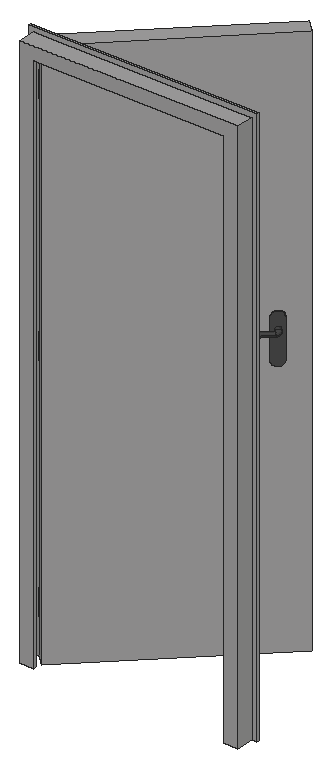
Revit family "Turia 1 hoja EI₂120", category Puertas, Revit 2016
Family settings
  Anfitrión = Muro
  Siempre vertical = Sí
  Corte con vacíos al cargar = No
  Compartido = No
  Punto de cálculo de habitación = No
Parameters (values of type "TU 800 x 2050")
  URL = "http://www.andreu.es/es/productos/cortafuegos/turia"
  Relleno de la hoja = "Las chapas están troqueladas y plegadas de forma que tras su montaje, dejan en su interior una cámara interna\r\ndonde se aloja una combinación de materiales aislantes\r\nignífugos y térmicos, que confieren a la puerta aislamiento\r\ntérmico y acústico. Los aislantes utilizados son, entre\r\notros materiales, lana de roca y placas de cartón-yeso.\r\nSu grosor es de 63 mm, con un solape de 16 mm de\r\nancho y 2 mm de espesor."  # constant formula
  Peso aprox = 36.50 kg/m²  # constant formula
  Normativa = "UNE-EN 1634-1:2001"  # constant formula
  Modelo = "TU 800x2050"
  Memoria descriptiva = "http://www.andreu.es/es/documentos/memorias-descriptivas"
  Marco = "El marco utilizado para la puerta Corta-fuegos modelo Turia es el denominado modelo C-S5. Este\r\nmodelo se caracteriza por su perfilado esquinero (según croquis).\r\nPuede configurarse con acero galvanizado más\r\nprotección antifinger de 1.5 mm de espesor, o el\r\nmismo material que la hoja."  # constant formula
  Manija [instance] = yes
  MEDIDA TOTAL (ANCHO) = [MEDIDA NOMINAL (Ancho)] + 36 mm  # 836 mm
  MEDIDA NOMINAL (Ancho) = 800 mm
  MEDIDA DE MARCO (Ancho) = [MEDIDA NOMINAL (Ancho)] - 20 mm  # 780 mm
  MEDIDA DE LUZ (Ancho) = [MEDIDA NOMINAL (Ancho)] - 100 mm  # 700 mm
  MATERIAL DEL MARCO = Acero Galvanizado
  MATERIAL DE LA HOJA = Acero Galvanizado
  Instrucciones de montaje = "http://www.andreu.es/data/instrucc/itc-151-ed3.pdf"
  Hoja = "La puerta Corta-fuegos está construida con 2 planchas ensambladas entre sí, sin necesidad de\r\nsoldaduras. La plancha utilizada es de acero galvanizado de 0.8 mm de espesor, con una\r\nimprimación anti finger (anti huellas). Esta imprimación, consiste en un revestimiento orgánico fino,\r\nque además de proporcionarle una mayor protección anticorrosivo le permite pintar directamente sin\r\ntratamientos previos."  # constant formula
  HOJA (ANCHO) = [MEDIDA DE MARCO (Ancho)]  # 780 mm
  HOJA (ANCHO 2D) = [MEDIDA DE MARCO (Ancho)] + 10 mm  # 790 mm
  Función = Interior
  Fabricante = "Andreu Barberá, S.L."
  Ensayos de Durabilidad de Autocierre = "UNE-EN-1191:2000"  # constant formula
  Descripción = "Puerta metálica Corta-Fuegos pivotante y abatible galvanizada EI2 (30,60,90) C5 de medidas 900x2050 (Medidas Nominales) mod. TURIA de Andreu  o equivalente con certificado de homologación, construida con dos chapas de acero de 0,8mm ensambladas entre sí sin soldadura, relleno de material ignifugo, con doble capa de lana de roca y placa de cartón-yeso, hoja de grosor 63mm y 3 bisagras con marcado CE de doble pala y regulación en altura, con marco tipo CS5 de 1.5mm de espesor con junta intumescente, ajustado y preparado para su fijación a obra mediante garras de acero o para atornillar a premarco, cerradura embutida con cierre a un punto con marcado CE, escudos y manivelas RF mod. Andreu nylon negro con soporte metálico."  # constant formula
  Type Comments = ""
  Clasificación para incendios = "EI₂120"  # constant formula
  Clasificación = "C5"  # constant formula
  Ciclos de apertura = 200000  # constant formula
  Cerradura = "La puerta incluye una cerradura con caja de acero, con cierre a un punto. Esta cerradura presenta\r\nmarcado CE siguiendo la norma UNE-EN 12209:2007. Se completa el conjunto con el cilindro de\r\nlatón de 35 x 35, con sus correspondientes llaves. En la gama estándard, está compuesto por dos\r\nmanivelas de un material altamente resistente. Los soportes de los escudos son metálicos, presentan\r\nembellecedores del mismo material que las manivelas con bocallave a ambos lados."  # constant formula
  Catálogo Técnico = "http://www.andreu.es/lang/es/doc/catalogo-tecnico-ctes.pdf?1018955761"
  Bisagras en hojas = "Las hojas llevan 3 bisagras de acero galvanizado de 3\r\nmm de espesor. Su diseño y fabricación se ajusta a la\r\nnorma UNE-EN 1935 “Bisagras de un solo eje para\r\npuertas Corta-fuegos”.\r\nLas bisagras van unidas mediante tornillos a la hoja."  # constant formula
  Bisagras [instance] = yes
  Acabados = "9010 BLANCO, 7035 GRIS, ACERO INOX, RAL A ELEGIR"  # constant formula
  APERTURA 3D (Grados) [instance] = 45.00°
  ALTURA TOTAL = 2068 mm
Types (5, lengths in mm): name | Modelo | MEDIDA TOTAL (ANCHO) | MEDIDA NOMINAL (Ancho) | MEDIDA DE MARCO (Ancho) | MEDIDA DE LUZ (Ancho) | HOJA (ANCHO) | HOJA (ANCHO 2D) | APERTURA 3D (Grados)
  TU 800 x 2050 | "TU 800x2050" | 836 | 800 | 780 | 700 | 780 | 790 | 45.00°
  TU 900 x 2050 | "TU 900x2050" | 936 | 900 | 880 | 800 | 880 | 890 | 45.00°
  TU 1000 x 2050 | "TU 1000x2050" | 1036 | 1000 | 980 | 900 | 980 | 990 | 0.00°
  TU 1100 x 2050 | "TU 1100x2050" | 1136 | 1100 | 1080 | 1000 | 1080 | 1090 | 45.00°
  TU 1200 x 2050 | "TU 1200x2050" | 1236 | 1200 | 1180 | 1100 | 1180 | 1190 | 45.00°
Reference planes
  plane 1 "Muro": y = 0
  plane 2 "Centro (Izquierda/Derecha)": x = 125
  plane 3 "Posterior": y = 100
  plane 4: x = -275
  plane 5: x = 525
  plane 6: z = 2068
  plane 7: x = -265
  plane 8: x = 515
  plane 9: x = -225
  plane 10: x = 475
  plane 11: x = -293
  plane 12: x = 543
  plane 13: y = 110
  plane 14: y = 47
  plane 15: y = 37
  plane 16: x = 520
  plane 17: y = 107
  plane 18: x = -270
  plane 19: y = 1300
  plane 20: y = 890
  plane 21 "M": z = 1047.976
  plane 22: x = 415
Forms (mm)
  Sweep 1, solid, material "Acero Galvanizado" <- "MATERIAL DEL MARCO", detail levels medium+fine
    path origin (0, 100, 0) x (1, 0, 0) y (0, 0, 1)
      loop
        line (525, 0) -> (525, 2050) -> (-275, 2050) -> (-275, 0)
    profile origin (525, 100, 1025) x (-1, 0, 0) y (0, -1, 0)
      loop
        line (-18, 0) -> (-18, -10) -> (10, -10) -> (10, 53) -> (50, 53) -> (50, 63) -> (0, 63) -> (0, 0) -> (-18, 0)
  Extrusion 2, solid, material "Acero Galvanizado" <- "MATERIAL DE LA HOJA"
    sketch origin (-265, 110, 0) x (0.707107, 0.707107, 0) y (0, 0, 1)
      loop
        line (0, 0) -> (780, 0) -> (780, 2040) -> (0, 2040) -> (0, 0)
    from 0 to 63
  Extrusion 3, solid, material "Acero Galvanizado" <- "MATERIAL DEL MARCO", visible <- "Bisagras"
    sketch origin (70.706, 28.204, 128) x (1, 0, 0) y (0, 1, 0)
      loop
        line (-349.598, 81.796) -> (-335.706, 81.796) -> (-335.706, 86.796) -> (-342.181, 86.796)
        arc (-342.181, 86.796) -> (-354.07, 96.429) -> (-349.598, 81.796) r 8
    from 0 to 100
  Extrusion 4, solid, material "Acero Galvanizado" <- "MATERIAL DEL MARCO", visible <- "Bisagras"
    sketch origin (70.706, 28.204, 1832) x (0, -1, 0) y (1, 0, 0)
      loop
        line (-81.796, -349.598) -> (-81.796, -335.706) -> (-86.796, -335.706) -> (-86.796, -342.181)
        arc (-86.796, -342.181) -> (-96.429, -354.07) -> (-81.796, -349.598) r 8
    from 0 to 100
  Extrusion 5, solid, material "Acero Galvanizado" <- "MATERIAL DEL MARCO", visible <- "Bisagras"
    sketch origin (70.706, 28.204, 970) x (1, 0, 0) y (0, 1, 0)
      loop
        line (-349.598, 81.796) -> (-335.706, 81.796) -> (-335.706, 86.796) -> (-342.181, 86.796)
        arc (-342.181, 86.796) -> (-354.07, 96.429) -> (-349.598, 81.796) r 8
    from 0 to 100
Lines and regions (mm)
  Opening 1
    outline origin (-5000, -100, 0) x (1, 0, 0) y (0, 0, 1)
      loop
        line (5525, 2050) -> (4725, 2050) -> (4725, 0) -> (5525, 0) -> (5525, 2050)
  model lines
    curve 1: line (525, 100, 0) -> (525, 100, 2068)
    curve 2: line (525, 100, 2068) -> (-275, 100, 2068)
    curve 3: line (-275, 100, 2068) -> (-275, 100, 0)
  reference lines
    curve 4: line (-265, 110, 0) -> (63.805, 438.805, 0)
  symbolic lines, detail levels coarse
    curve 5: line (-275, 100, 0) -> (-275, 900, 0)
    curve 6: line (-275, 900, 0) -> (525, 100, 0)
  symbolic lines, detail levels medium+fine
    curve 7: line (-265, 110, 0) -> (-202, 110, 0)
    curve 8: line (-265, 890, 0) -> (-265, 110, 0)
    curve 9: line (-202, 890, 0) -> (-265, 890, 0)
    curve 10: line (-202, 110, 0) -> (-202, 890, 0)
  symbolic lines
    curve 11: arc (515, 110, 1047.976) -> (286.543, 661.543, 1047.976) -> (-265, 890, 1047.976) r 780
Text (mm)
  text "Cara de colocación" at (-1848.837, 1116.779, 0), in view "Nivel de referencia"
  text "Cara de colocación" at (0, 1409.804, 2854.306), in view "Izquierda"
  text "Cara de colocación" at (0, 499.811, 2980.732), in view "Derecha"
Dimensions and locks
  plane 3 "Posterior" to host wall = 0 mm
  equal spacing: plane 4, plane 2 "Centro (Izquierda/Derecha)", plane 5
  "MEDIDA NOMINAL (Ancho)": plane 4 to plane 5
  "ALTURA TOTAL": level to plane 6
  equal spacing: plane 7, plane 2 "Centro (Izquierda/Derecha)", plane 8
  "MEDIDA DE MARCO (Ancho)": plane 7 to plane 8
  equal spacing: plane 9, plane 2 "Centro (Izquierda/Derecha)", plane 10
  "MEDIDA DE LUZ (Ancho)": plane 9 to plane 10
  equal spacing: plane 11, plane 2 "Centro (Izquierda/Derecha)", plane 12
  "MEDIDA TOTAL (ANCHO)": plane 11 to plane 12
  locked: plane 3 "Posterior" to plane 13 at 10
  locked: plane 13 to plane 14 at 63
  locked: plane 14 to plane 15 at 10
  "HOJA (ANCHO)": Extrusion 2 sketch curve to Extrusion 2 sketch curve
  equal spacing: plane 18, plane 2 "Centro (Izquierda/Derecha)", plane 16
  "HOJA (ANCHO 2D)": plane 18 to plane 16
  "MEDIDA NOMINAL (Ancho)": curve 5 to curve 5
  "MEDIDA DE MARCO (Ancho)": plane 20 to plane 13
  locked: plane 22 to plane 10 at 60
  locked: Extrusion 2 to nested 2 at 95
  locked: Extrusion 2 to nested 1 at 95
  "APERTURA 3D (Grados)": angle plane 13 to curve 4
  aligned and locked: plane 1 "Muro" to host wall
  aligned and locked: plane 3 "Posterior" to host wall
  aligned and locked: plane 15 to Sweep 1 sketch curve
  aligned and locked: plane 7 to curve 4
  aligned and locked: plane 13 to curve 4
  aligned and locked: Extrusion 2 sketch curve to Sweep 1
  aligned and locked: Sweep 1 sketch curve to plane 14
  aligned and locked: plane 8 to Sweep 1 sketch curve
  aligned and locked: plane 10 to Sweep 1 sketch curve
  aligned and locked: plane 12 to Sweep 1
  aligned and locked: Sweep 1 to plane 10
  aligned and locked: Sweep 1 to plane 15
  aligned and locked: plane 13 to Sweep 1
  aligned and locked: plane 3 "Posterior" to Sweep 1
  aligned and locked: curve 9 to plane 20
  aligned and locked: Extrusion 3 sketch curve to Sweep 1
  aligned and locked: plane 7 to Extrusion 3 sketch curve
Automatic sketch dimensions
  Opening 1 sketch curve to plane 4 = 0 mm
  Opening 1 sketch curve to level = 0 mm
  Opening 1 sketch curve to plane 5 = 0 mm
  Opening 1 sketch curve to plane 6 = 18 mm
  curve 3 to plane 4 = 0 mm
  curve 2 to plane 5 = 0 mm
  curve 3 to level = 0 mm
  curve 1 to level = 0 mm
  curve 2 to plane 6 = 0 mm
  Sweep 1 sketch curve to plane 4 = 0 mm
  Sweep 1 sketch curve to plane 5 = 0 mm
  Sweep 1 sketch curve to level = 0 mm  (x2)
  Sweep 1 sketch curve to plane 6 = 18 mm
  plane 3 "Posterior" to Sweep 1 sketch curve = 0 mm
  Sweep 1 sketch curve to profile plane = 0 mm
  profile plane to Sweep 1 sketch curve = 18 mm
  Sweep 1 sketch curve to plane 3 "Posterior" = 10 mm
  curve 11 to plane 7 = 0 mm
  plane 20 to curve 11 = 0 mm
  curve 11 to plane 8 = 0 mm
  Extrusion 3 sketch curve to plane 18 = 1.475 mm
  Extrusion 3 sketch curve to plane 4 = 3.891 mm
  plane 13 to Extrusion 3 sketch curve = 5 mm
  Extrusion 4 sketch curve to plane 7 = 0 mm
  Extrusion 4 sketch curve to plane 13 = 0 mm
  Extrusion 4 sketch curve to plane 18 = 1.475 mm
  plane 13 to Extrusion 4 sketch curve = 5 mm
  Extrusion 4 sketch curve to plane 4 = 3.891 mm
  Extrusion 5 sketch curve to plane 13 = 0 mm
  Extrusion 5 sketch curve to plane 7 = 0 mm
  Extrusion 5 sketch curve to plane 18 = 1.475 mm
  Extrusion 5 sketch curve to plane 4 = 3.891 mm
  plane 13 to Extrusion 5 sketch curve = 5 mm
  curve 5 to plane 4 = 0 mm
  curve 9 to plane 7 = 0 mm
  curve 10 to plane 13 = 0 mm
  curve 6 to host wall = 0 mm
  curve 6 to plane 5 = 0 mm
  curve 5 to host wall = 0 mm
  plane 9 to curve 9 = 23 mm
  Extrusion 2 sketch curve to curve 4 = 0 mm  (x2)
Nested families
  nested 1: "MANIJA" at (246.238, 532.143, 947.976) x (0.7071, 0.7071, 0) z (0.7071, -0.7071, 0), visible <- "Manija", type "MANIJA"
  nested 2: "MANIJA" at (201.69, 576.69, 947.976) x (0.7071, 0.7071, 0) z (-0.7071, 0.7071, 0), visible <- "Manija", type "MANIJA"
Definition of nested family "MANIJA"
  Parameters (values of type "MANIJA")
    Default Elevation = 1219.2 mm
  Reference planes
    plane 1 "Centro (Frontal/Posterior)": y = 0
    plane 2: z = 0
    plane 3 "Centro (Izquierda/Derecha)": x = 0
  Forms (mm)
    Extrusion 1, solid
      sketch origin (0, 0, 0) x (1, 0, 0) y (0, 1, 0)
        loop
          line (-1219.2, 1219.2) -> (-1219.2, -1219.2) -> (1219.2, -1219.2) -> (1219.2, 1219.2) -> (-1219.2, 1219.2)
      from 0 to -304.8
    Extrusion 2, solid
      sketch origin (-50, -60, 0) x (1, 0, 0) y (0, 1, 0)
        loop
          line (70, 60) -> (75, 60)
          arc (75, 60) -> (89.142, 65.858) -> (95, 80) r 20
          line (95, 80) -> (95, 220)
          arc (95, 220) -> (89.142, 234.142) -> (75, 240) r 20
          line (75, 240) -> (70, 240)
          arc (70, 240) -> (55.858, 234.142) -> (50, 220) r 20
          line (50, 220) -> (50, 80)
          arc (50, 80) -> (55.858, 65.858) -> (70, 60) r 20
      from 0 to 10
    Sweep 3, solid
      path origin (-2.5, 0, 0) x (1, 0, 0) y (0, 0, 1)
        loop
          line (25, 10) -> (25, 33)
          arc (25, 33) -> (21.485, 41.485) -> (13, 45) r 12
          line (13, 45) -> (-72.5, 45)
          arc (-72.5, 45) -> (-79.571, 42.071) -> (-82.5, 35) r 10
          line (-82.5, 35) -> (-82.5, 25)
      profile origin (22.5, 0, 21.5) x (-1, 0, 0) y (0, -1, 0)
        loop
          circle (0, -125.561) r 8
  Dimensions and locks
    aligned and locked: plane 2 to Extrusion 1
    aligned and locked: level to Extrusion 1
